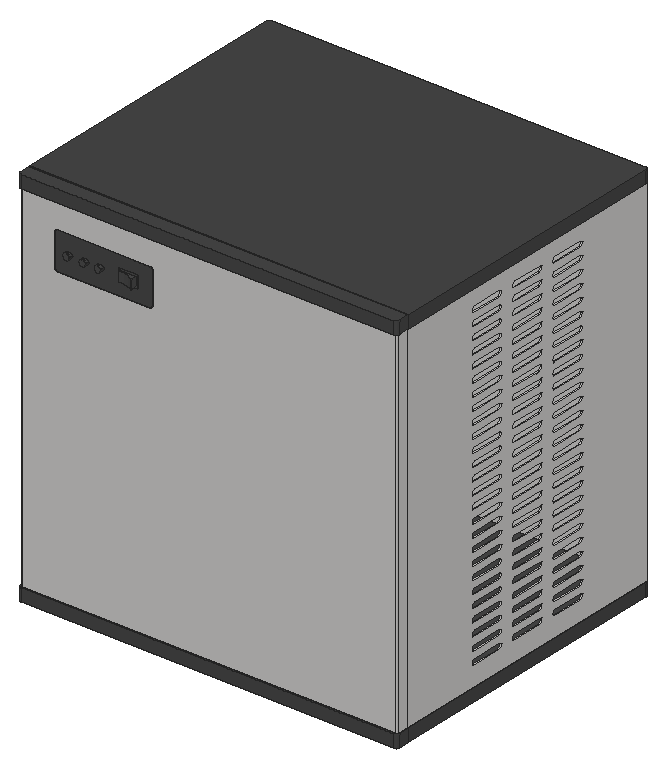
Revit family "QF_Icetro_IM-1100-RC_RH", category Specialty Equipment, Revit 2020
Family settings
  Round Connector Dimension = Use Diameter
  Part Type = Normal
  OmniClass Number = 23.40.40.00
  OmniClass Title = Food Service Equipment and Furnishings
  Work Plane-Based = Yes
  Always vertical = Yes
  Cut with Voids When Loaded = No
  Shared = No
  Room Calculation Point = No
Parameters (values of type "230/60/1 IM-1100-RH")
  Width = 30"
  Weight in Pounds = 231.5  # constant formula
  Watts = 4720 W  # constant formula
  Watermarked By = ""
  Volts = 230 V
  URL Cutsheet = "https://www.icetroamerica.com/im-1100"
  URL = "https://www.icetroamerica.com"
  Status [instance] = ""
  Specification by User [instance] = ""
  Specification by Manufacturer [instance] = ""
  Show Logo [instance] = yes
  Show Clearance [instance] = yes
  Serial Number [instance] = ""
  Revision Code [instance] = ""
  Phase = 1
  Number of Poles [instance] = 1
  NAFEM Spec ID Number [instance] = ""
  Model = "IM-1100-RH"
  Min Ckt Ampacity = 15.6 A  # constant formula
  Max Overcurrent Protection = 25 A  # constant formula
  Masterspec [instance] = ""
  Manufacturer = "Icetro"
  Item Number [instance] = "-"
  Installed By [instance] = ""
  Indirect Waste Size = 3/4"
  Indirect Waste Flow = 0 GPM
  Indirect Waste Connection Type = ""
  Indirect Waste Connection Height = 0"
  Height = 30.3"  # constant formula
  HP = ""
  Furnished By [instance] = ""
  Foodservice Equipment Identifier = yes
  FL Amps = 15.6 A  # constant formula
  Electrical Remarks [instance] = ""
  Electric Connection Type = ""
  Elec Conn RI Height [instance] = 0"
  Elec Conn Connection Height = 0"
  Description = "Ice Cube Machine"
  Depth = 24.8"
  Default Elevation = 48"
  Cycle = 60 Hz
  Content Creator URL = "www.fescad.com"
  Content Creator = "Foodservice Equipment Symbols, LLC"  # constant formula
  Content Created = "09/20/2023"  # constant formula
  Conn Plug = "NEMA 5-15P"
  Chilled Water Temperature = -459.67 °F
  Chilled Water Supply Size = 3/8"
  Chilled Water Supply RI Height = 0"
  Chilled Water Supply Connection Height = 0"
  Chilled Water Return Size = 0"
  Chilled Water Return RI Height = 0"
  Chilled Water Return Connection Height = 0"
  Chilled Water Minimum Pressure = 20.00 psi
  Chilled Water Maximum Pressure = 80.00 psi
  Chilled Water Flow = 0 GPM
  CSI MasterFormat = ""
  BTUH = 17647.0 Btu/h  # constant formula
  Assembly Code = "E1090300"
  Apparent Power = if(Phase = 3, Volts * FL Amps * 1.73, Volts * FL Amps)  # 3588 VA
Reference planes (in)
  plane 1 "BACK": y = 0
  plane 2: z = 0
  plane 3 "LEFT": x = -16.56573
  plane 4 "RIGHT": x = 13.43427
  plane 5 "FRONT": y = -24.8
  plane 6 "TOP": z = 30.3
  plane 7: x = -16.44073
  plane 8: x = 13.30927
  plane 9: z = 30.175
  plane 10: y = -1
  plane 11: y = -23.7375
  plane 12: z = 29.3
  plane 13 "Lower Door": z = 1
  plane 14: y = -23.675
  plane 15: y = -24.675
Forms (in)
  Extrusion 1, solid, material "QF_Steel-Paint Finish-Black"
    sketch origin (0, 0, 0) x (1, 0, 0) y (0, 1, 0)
      loop
        arc (-16.31573, 0) -> (-16.4925, -0.07322) -> (-16.56573, -0.25) r 0.25
        line (-16.56573, -0.25) -> (-16.56573, -23.675) -> (13.43427, -23.675) -> (13.43427, -0.25)
        arc (13.43427, -0.25) -> (13.36105, -0.07322) -> (13.18427, 0) r 0.25
        line (13.18427, 0) -> (-16.31573, 0)
    from 0 to 1
  Extrusion 2, solid, material "QF_Steel-Paint Finish-Black"
    sketch origin (0, 0, 0) x (1, 0, 0) y (0, 1, 0)
      loop
        line (-16.56573, -23.7375) -> (-16.56573, -24.55)
        arc (-16.56573, -24.55) -> (-16.4925, -24.72678) -> (-16.31573, -24.8) r 0.25
        line (-16.31573, -24.8) -> (13.18427, -24.8)
        arc (13.18427, -24.8) -> (13.36105, -24.72678) -> (13.43427, -24.55) r 0.25
        line (13.43427, -24.55) -> (13.43427, -23.7375) -> (-16.56573, -23.7375)
    from 0 to 1
  Extrusion 3, solid, material "QF_Steel-Paint Finish-Black"
    sketch origin (0, 0, 30.3) x (0, 1, 0) y (-1, 0, 0)
      loop
        arc (0, 16.31573) -> (-0.07322, 16.4925) -> (-0.25, 16.56573) r 0.25
        line (-0.25, 16.56573) -> (-23.675, 16.56573) -> (-23.675, -13.43427) -> (-0.25, -13.43427)
        arc (-0.25, -13.43427) -> (-0.07322, -13.36105) -> (0, -13.18427) r 0.25
        line (0, -13.18427) -> (0, 16.31573)
    from 0 to -1
  Extrusion 4, solid, material "QF_Steel-Paint Finish-Black"
    sketch origin (0, 0, 30.3) x (0, 1, 0) y (-1, 0, 0)
      loop
        line (-23.7375, 16.56573) -> (-24.55, 16.56573)
        arc (-24.55, 16.56573) -> (-24.72678, 16.4925) -> (-24.8, 16.31573) r 0.25
        line (-24.8, 16.31573) -> (-24.8, -13.18427)
        arc (-24.8, -13.18427) -> (-24.72678, -13.36105) -> (-24.55, -13.43427) r 0.25
        line (-24.55, -13.43427) -> (-23.7375, -13.43427) -> (-23.7375, 16.56573)
    from 0 to -1
  Extrusion 5, solid, material "QF_Stainless-Polished"
    sketch origin (0, 0, 1) x (0, 1, 0) y (-1, 0, 0)
      loop
        arc (-24.675, -13.18427) -> (-24.63839, -13.27266) -> (-24.55, -13.30927) r 0.125
        line (-24.55, -13.30927) -> (-23.7375, -13.30927) -> (-23.7375, 16.44073) -> (-24.55, 16.44073)
        arc (-24.55, 16.44073) -> (-24.63839, 16.40411) -> (-24.675, 16.31573) r 0.125
        line (-24.675, 16.31573) -> (-24.675, -13.18427)
    from 0 to 28.3
  Extrusion 6, solid, material "QF_Stainless-Polished"
    sketch origin (-16.56573, 0, 0) x (0, 1, 0) y (0, 0, 1)
      loop
        line (0, 1) -> (0, 29.3) -> (-23.675, 29.3) -> (-23.675, 1) -> (0, 1)
      loop
        line (-6.5875, 19) -> (-9.0875, 19)
        arc (-9.0875, 19) -> (-9.3375, 18.75) -> (-9.0875, 18.5) r 0.25
        line (-9.0875, 18.5) -> (-6.5875, 18.5)
        arc (-6.5875, 18.5) -> (-6.3375, 18.75) -> (-6.5875, 19) r 0.25
      loop
        line (-10.5875, 19) -> (-13.0875, 19)
        arc (-13.0875, 19) -> (-13.3375, 18.75) -> (-13.0875, 18.5) r 0.25
        line (-13.0875, 18.5) -> (-10.5875, 18.5)
        arc (-10.5875, 18.5) -> (-10.3375, 18.75) -> (-10.5875, 19) r 0.25
      loop
        line (-14.5875, 19) -> (-17.0875, 19)
        arc (-17.0875, 19) -> (-17.3375, 18.75) -> (-17.0875, 18.5) r 0.25
        line (-17.0875, 18.5) -> (-14.5875, 18.5)
        arc (-14.5875, 18.5) -> (-14.3375, 18.75) -> (-14.5875, 19) r 0.25
      loop
        line (-6.5875, 18) -> (-9.0875, 18)
        arc (-9.0875, 18) -> (-9.3375, 17.75) -> (-9.0875, 17.5) r 0.25
        line (-9.0875, 17.5) -> (-6.5875, 17.5)
        arc (-6.5875, 17.5) -> (-6.3375, 17.75) -> (-6.5875, 18) r 0.25
      loop
        line (-10.5875, 18) -> (-13.0875, 18)
        arc (-13.0875, 18) -> (-13.3375, 17.75) -> (-13.0875, 17.5) r 0.25
        line (-13.0875, 17.5) -> (-10.5875, 17.5)
        arc (-10.5875, 17.5) -> (-10.3375, 17.75) -> (-10.5875, 18) r 0.25
      loop
        line (-14.5875, 18) -> (-17.0875, 18)
        arc (-17.0875, 18) -> (-17.3375, 17.75) -> (-17.0875, 17.5) r 0.25
        line (-17.0875, 17.5) -> (-14.5875, 17.5)
        arc (-14.5875, 17.5) -> (-14.3375, 17.75) -> (-14.5875, 18) r 0.25
      loop
        line (-6.5875, 17) -> (-9.0875, 17)
        arc (-9.0875, 17) -> (-9.3375, 16.75) -> (-9.0875, 16.5) r 0.25
        line (-9.0875, 16.5) -> (-6.5875, 16.5)
        arc (-6.5875, 16.5) -> (-6.3375, 16.75) -> (-6.5875, 17) r 0.25
      loop
        line (-10.5875, 17) -> (-13.0875, 17)
        arc (-13.0875, 17) -> (-13.3375, 16.75) -> (-13.0875, 16.5) r 0.25
        line (-13.0875, 16.5) -> (-10.5875, 16.5)
        arc (-10.5875, 16.5) -> (-10.3375, 16.75) -> (-10.5875, 17) r 0.25
      loop
        line (-14.5875, 17) -> (-17.0875, 17)
        arc (-17.0875, 17) -> (-17.3375, 16.75) -> (-17.0875, 16.5) r 0.25
        line (-17.0875, 16.5) -> (-14.5875, 16.5)
        arc (-14.5875, 16.5) -> (-14.3375, 16.75) -> (-14.5875, 17) r 0.25
      loop
        line (-6.5875, 16) -> (-9.0875, 16)
        arc (-9.0875, 16) -> (-9.3375, 15.75) -> (-9.0875, 15.5) r 0.25
        line (-9.0875, 15.5) -> (-6.5875, 15.5)
        arc (-6.5875, 15.5) -> (-6.3375, 15.75) -> (-6.5875, 16) r 0.25
      loop
        line (-10.5875, 16) -> (-13.0875, 16)
        arc (-13.0875, 16) -> (-13.3375, 15.75) -> (-13.0875, 15.5) r 0.25
        line (-13.0875, 15.5) -> (-10.5875, 15.5)
        arc (-10.5875, 15.5) -> (-10.3375, 15.75) -> (-10.5875, 16) r 0.25
      loop
        line (-14.5875, 16) -> (-17.0875, 16)
        arc (-17.0875, 16) -> (-17.3375, 15.75) -> (-17.0875, 15.5) r 0.25
        line (-17.0875, 15.5) -> (-14.5875, 15.5)
        arc (-14.5875, 15.5) -> (-14.3375, 15.75) -> (-14.5875, 16) r 0.25
      loop
        line (-6.5875, 15) -> (-9.0875, 15)
        arc (-9.0875, 15) -> (-9.3375, 14.75) -> (-9.0875, 14.5) r 0.25
        line (-9.0875, 14.5) -> (-6.5875, 14.5)
        arc (-6.5875, 14.5) -> (-6.3375, 14.75) -> (-6.5875, 15) r 0.25
      loop
        line (-10.5875, 15) -> (-13.0875, 15)
        arc (-13.0875, 15) -> (-13.3375, 14.75) -> (-13.0875, 14.5) r 0.25
        line (-13.0875, 14.5) -> (-10.5875, 14.5)
        arc (-10.5875, 14.5) -> (-10.3375, 14.75) -> (-10.5875, 15) r 0.25
      loop
        line (-14.5875, 15) -> (-17.0875, 15)
        arc (-17.0875, 15) -> (-17.3375, 14.75) -> (-17.0875, 14.5) r 0.25
        line (-17.0875, 14.5) -> (-14.5875, 14.5)
        arc (-14.5875, 14.5) -> (-14.3375, 14.75) -> (-14.5875, 15) r 0.25
      loop
        line (-6.5875, 14) -> (-9.0875, 14)
        arc (-9.0875, 14) -> (-9.3375, 13.75) -> (-9.0875, 13.5) r 0.25
        line (-9.0875, 13.5) -> (-6.5875, 13.5)
        arc (-6.5875, 13.5) -> (-6.3375, 13.75) -> (-6.5875, 14) r 0.25
      loop
        line (-10.5875, 14) -> (-13.0875, 14)
        arc (-13.0875, 14) -> (-13.3375, 13.75) -> (-13.0875, 13.5) r 0.25
        line (-13.0875, 13.5) -> (-10.5875, 13.5)
        arc (-10.5875, 13.5) -> (-10.3375, 13.75) -> (-10.5875, 14) r 0.25
      loop
        line (-14.5875, 14) -> (-17.0875, 14)
        arc (-17.0875, 14) -> (-17.3375, 13.75) -> (-17.0875, 13.5) r 0.25
        line (-17.0875, 13.5) -> (-14.5875, 13.5)
        arc (-14.5875, 13.5) -> (-14.3375, 13.75) -> (-14.5875, 14) r 0.25
      loop
        line (-6.5875, 13) -> (-9.0875, 13)
        arc (-9.0875, 13) -> (-9.3375, 12.75) -> (-9.0875, 12.5) r 0.25
        line (-9.0875, 12.5) -> (-6.5875, 12.5)
        arc (-6.5875, 12.5) -> (-6.3375, 12.75) -> (-6.5875, 13) r 0.25
      loop
        line (-10.5875, 13) -> (-13.0875, 13)
        arc (-13.0875, 13) -> (-13.3375, 12.75) -> (-13.0875, 12.5) r 0.25
        line (-13.0875, 12.5) -> (-10.5875, 12.5)
        arc (-10.5875, 12.5) -> (-10.3375, 12.75) -> (-10.5875, 13) r 0.25
      loop
        line (-14.5875, 13) -> (-17.0875, 13)
        arc (-17.0875, 13) -> (-17.3375, 12.75) -> (-17.0875, 12.5) r 0.25
        line (-17.0875, 12.5) -> (-14.5875, 12.5)
        arc (-14.5875, 12.5) -> (-14.3375, 12.75) -> (-14.5875, 13) r 0.25
      loop
        line (-6.5875, 12) -> (-9.0875, 12)
        arc (-9.0875, 12) -> (-9.3375, 11.75) -> (-9.0875, 11.5) r 0.25
        line (-9.0875, 11.5) -> (-6.5875, 11.5)
        arc (-6.5875, 11.5) -> (-6.3375, 11.75) -> (-6.5875, 12) r 0.25
      loop
        line (-10.5875, 12) -> (-13.0875, 12)
        arc (-13.0875, 12) -> (-13.3375, 11.75) -> (-13.0875, 11.5) r 0.25
        line (-13.0875, 11.5) -> (-10.5875, 11.5)
        arc (-10.5875, 11.5) -> (-10.3375, 11.75) -> (-10.5875, 12) r 0.25
      loop
        line (-14.5875, 12) -> (-17.0875, 12)
        arc (-17.0875, 12) -> (-17.3375, 11.75) -> (-17.0875, 11.5) r 0.25
        line (-17.0875, 11.5) -> (-14.5875, 11.5)
        arc (-14.5875, 11.5) -> (-14.3375, 11.75) -> (-14.5875, 12) r 0.25
      loop
        line (-6.5875, 11) -> (-9.0875, 11)
        arc (-9.0875, 11) -> (-9.3375, 10.75) -> (-9.0875, 10.5) r 0.25
        line (-9.0875, 10.5) -> (-6.5875, 10.5)
        arc (-6.5875, 10.5) -> (-6.3375, 10.75) -> (-6.5875, 11) r 0.25
      loop
        line (-10.5875, 11) -> (-13.0875, 11)
        arc (-13.0875, 11) -> (-13.3375, 10.75) -> (-13.0875, 10.5) r 0.25
        line (-13.0875, 10.5) -> (-10.5875, 10.5)
        arc (-10.5875, 10.5) -> (-10.3375, 10.75) -> (-10.5875, 11) r 0.25
      loop
        line (-14.5875, 11) -> (-17.0875, 11)
        arc (-17.0875, 11) -> (-17.3375, 10.75) -> (-17.0875, 10.5) r 0.25
        line (-17.0875, 10.5) -> (-14.5875, 10.5)
        arc (-14.5875, 10.5) -> (-14.3375, 10.75) -> (-14.5875, 11) r 0.25
      loop
        line (-6.5875, 10) -> (-9.0875, 10)
        arc (-9.0875, 10) -> (-9.3375, 9.75) -> (-9.0875, 9.5) r 0.25
        line (-9.0875, 9.5) -> (-6.5875, 9.5)
        arc (-6.5875, 9.5) -> (-6.3375, 9.75) -> (-6.5875, 10) r 0.25
      loop
        line (-10.5875, 10) -> (-13.0875, 10)
        arc (-13.0875, 10) -> (-13.3375, 9.75) -> (-13.0875, 9.5) r 0.25
        line (-13.0875, 9.5) -> (-10.5875, 9.5)
        arc (-10.5875, 9.5) -> (-10.3375, 9.75) -> (-10.5875, 10) r 0.25
      loop
        line (-14.5875, 10) -> (-17.0875, 10)
        arc (-17.0875, 10) -> (-17.3375, 9.75) -> (-17.0875, 9.5) r 0.25
        line (-17.0875, 9.5) -> (-14.5875, 9.5)
        arc (-14.5875, 9.5) -> (-14.3375, 9.75) -> (-14.5875, 10) r 0.25
      loop
        line (-6.5875, 9) -> (-9.0875, 9)
        arc (-9.0875, 9) -> (-9.3375, 8.75) -> (-9.0875, 8.5) r 0.25
        line (-9.0875, 8.5) -> (-6.5875, 8.5)
        arc (-6.5875, 8.5) -> (-6.3375, 8.75) -> (-6.5875, 9) r 0.25
      loop
        line (-10.5875, 9) -> (-13.0875, 9)
        arc (-13.0875, 9) -> (-13.3375, 8.75) -> (-13.0875, 8.5) r 0.25
        line (-13.0875, 8.5) -> (-10.5875, 8.5)
        arc (-10.5875, 8.5) -> (-10.3375, 8.75) -> (-10.5875, 9) r 0.25
      loop
        line (-14.5875, 9) -> (-17.0875, 9)
        arc (-17.0875, 9) -> (-17.3375, 8.75) -> (-17.0875, 8.5) r 0.25
        line (-17.0875, 8.5) -> (-14.5875, 8.5)
        arc (-14.5875, 8.5) -> (-14.3375, 8.75) -> (-14.5875, 9) r 0.25
      loop
        line (-6.5875, 8) -> (-9.0875, 8)
        arc (-9.0875, 8) -> (-9.3375, 7.75) -> (-9.0875, 7.5) r 0.25
        line (-9.0875, 7.5) -> (-6.5875, 7.5)
        arc (-6.5875, 7.5) -> (-6.3375, 7.75) -> (-6.5875, 8) r 0.25
      loop
        line (-10.5875, 8) -> (-13.0875, 8)
        arc (-13.0875, 8) -> (-13.3375, 7.75) -> (-13.0875, 7.5) r 0.25
        line (-13.0875, 7.5) -> (-10.5875, 7.5)
        arc (-10.5875, 7.5) -> (-10.3375, 7.75) -> (-10.5875, 8) r 0.25
      loop
        line (-14.5875, 8) -> (-17.0875, 8)
        arc (-17.0875, 8) -> (-17.3375, 7.75) -> (-17.0875, 7.5) r 0.25
        line (-17.0875, 7.5) -> (-14.5875, 7.5)
        arc (-14.5875, 7.5) -> (-14.3375, 7.75) -> (-14.5875, 8) r 0.25
      loop
        line (-6.5875, 7) -> (-9.0875, 7)
        arc (-9.0875, 7) -> (-9.3375, 6.75) -> (-9.0875, 6.5) r 0.25
        line (-9.0875, 6.5) -> (-6.5875, 6.5)
        arc (-6.5875, 6.5) -> (-6.3375, 6.75) -> (-6.5875, 7) r 0.25
      loop
        line (-10.5875, 7) -> (-13.0875, 7)
        arc (-13.0875, 7) -> (-13.3375, 6.75) -> (-13.0875, 6.5) r 0.25
        line (-13.0875, 6.5) -> (-10.5875, 6.5)
        arc (-10.5875, 6.5) -> (-10.3375, 6.75) -> (-10.5875, 7) r 0.25
      loop
        line (-14.5875, 7) -> (-17.0875, 7)
        arc (-17.0875, 7) -> (-17.3375, 6.75) -> (-17.0875, 6.5) r 0.25
        line (-17.0875, 6.5) -> (-14.5875, 6.5)
        arc (-14.5875, 6.5) -> (-14.3375, 6.75) -> (-14.5875, 7) r 0.25
      loop
        line (-6.5875, 6) -> (-9.0875, 6)
        arc (-9.0875, 6) -> (-9.3375, 5.75) -> (-9.0875, 5.5) r 0.25
        line (-9.0875, 5.5) -> (-6.5875, 5.5)
        arc (-6.5875, 5.5) -> (-6.3375, 5.75) -> (-6.5875, 6) r 0.25
      loop
        line (-10.5875, 6) -> (-13.0875, 6)
        arc (-13.0875, 6) -> (-13.3375, 5.75) -> (-13.0875, 5.5) r 0.25
        line (-13.0875, 5.5) -> (-10.5875, 5.5)
        arc (-10.5875, 5.5) -> (-10.3375, 5.75) -> (-10.5875, 6) r 0.25
      loop
        line (-14.5875, 6) -> (-17.0875, 6)
        arc (-17.0875, 6) -> (-17.3375, 5.75) -> (-17.0875, 5.5) r 0.25
        line (-17.0875, 5.5) -> (-14.5875, 5.5)
        arc (-14.5875, 5.5) -> (-14.3375, 5.75) -> (-14.5875, 6) r 0.25
      loop
        line (-6.5875, 5) -> (-9.0875, 5)
        arc (-9.0875, 5) -> (-9.3375, 4.75) -> (-9.0875, 4.5) r 0.25
        line (-9.0875, 4.5) -> (-6.5875, 4.5)
        arc (-6.5875, 4.5) -> (-6.3375, 4.75) -> (-6.5875, 5) r 0.25
      loop
        line (-10.5875, 5) -> (-13.0875, 5)
        arc (-13.0875, 5) -> (-13.3375, 4.75) -> (-13.0875, 4.5) r 0.25
        line (-13.0875, 4.5) -> (-10.5875, 4.5)
        arc (-10.5875, 4.5) -> (-10.3375, 4.75) -> (-10.5875, 5) r 0.25
      loop
        line (-14.5875, 5) -> (-17.0875, 5)
        arc (-17.0875, 5) -> (-17.3375, 4.75) -> (-17.0875, 4.5) r 0.25
        line (-17.0875, 4.5) -> (-14.5875, 4.5)
        arc (-14.5875, 4.5) -> (-14.3375, 4.75) -> (-14.5875, 5) r 0.25
      loop
        line (-6.5875, 4) -> (-9.0875, 4)
        arc (-9.0875, 4) -> (-9.3375, 3.75) -> (-9.0875, 3.5) r 0.25
        line (-9.0875, 3.5) -> (-6.5875, 3.5)
        arc (-6.5875, 3.5) -> (-6.3375, 3.75) -> (-6.5875, 4) r 0.25
      loop
        line (-10.5875, 4) -> (-13.0875, 4)
        arc (-13.0875, 4) -> (-13.3375, 3.75) -> (-13.0875, 3.5) r 0.25
        line (-13.0875, 3.5) -> (-10.5875, 3.5)
        arc (-10.5875, 3.5) -> (-10.3375, 3.75) -> (-10.5875, 4) r 0.25
      loop
        line (-14.5875, 4) -> (-17.0875, 4)
        arc (-17.0875, 4) -> (-17.3375, 3.75) -> (-17.0875, 3.5) r 0.25
        line (-17.0875, 3.5) -> (-14.5875, 3.5)
        arc (-14.5875, 3.5) -> (-14.3375, 3.75) -> (-14.5875, 4) r 0.25
      loop
        line (-6.5875, 3) -> (-9.0875, 3)
        arc (-9.0875, 3) -> (-9.3375, 2.75) -> (-9.0875, 2.5) r 0.25
        line (-9.0875, 2.5) -> (-6.5875, 2.5)
        arc (-6.5875, 2.5) -> (-6.3375, 2.75) -> (-6.5875, 3) r 0.25
      loop
        line (-10.5875, 3) -> (-13.0875, 3)
        arc (-13.0875, 3) -> (-13.3375, 2.75) -> (-13.0875, 2.5) r 0.25
        line (-13.0875, 2.5) -> (-10.5875, 2.5)
        arc (-10.5875, 2.5) -> (-10.3375, 2.75) -> (-10.5875, 3) r 0.25
      loop
        line (-14.5875, 3) -> (-17.0875, 3)
        arc (-17.0875, 3) -> (-17.3375, 2.75) -> (-17.0875, 2.5) r 0.25
        line (-17.0875, 2.5) -> (-14.5875, 2.5)
        arc (-14.5875, 2.5) -> (-14.3375, 2.75) -> (-14.5875, 3) r 0.25
      loop
        line (-6.5875, 20) -> (-9.0875, 20)
        arc (-9.0875, 20) -> (-9.3375, 19.75) -> (-9.0875, 19.5) r 0.25
        line (-9.0875, 19.5) -> (-6.5875, 19.5)
        arc (-6.5875, 19.5) -> (-6.3375, 19.75) -> (-6.5875, 20) r 0.25
      loop
        line (-10.5875, 20) -> (-13.0875, 20)
        arc (-13.0875, 20) -> (-13.3375, 19.75) -> (-13.0875, 19.5) r 0.25
        line (-13.0875, 19.5) -> (-10.5875, 19.5)
        arc (-10.5875, 19.5) -> (-10.3375, 19.75) -> (-10.5875, 20) r 0.25
      loop
        line (-14.5875, 20) -> (-17.0875, 20)
        arc (-17.0875, 20) -> (-17.3375, 19.75) -> (-17.0875, 19.5) r 0.25
        line (-17.0875, 19.5) -> (-14.5875, 19.5)
        arc (-14.5875, 19.5) -> (-14.3375, 19.75) -> (-14.5875, 20) r 0.25
      loop
        line (-6.5875, 22) -> (-9.0875, 22)
        arc (-9.0875, 22) -> (-9.3375, 21.75) -> (-9.0875, 21.5) r 0.25
        line (-9.0875, 21.5) -> (-6.5875, 21.5)
        arc (-6.5875, 21.5) -> (-6.3375, 21.75) -> (-6.5875, 22) r 0.25
      loop
        line (-10.5875, 22) -> (-13.0875, 22)
        arc (-13.0875, 22) -> (-13.3375, 21.75) -> (-13.0875, 21.5) r 0.25
        line (-13.0875, 21.5) -> (-10.5875, 21.5)
        arc (-10.5875, 21.5) -> (-10.3375, 21.75) -> (-10.5875, 22) r 0.25
      loop
        line (-14.5875, 22) -> (-17.0875, 22)
        arc (-17.0875, 22) -> (-17.3375, 21.75) -> (-17.0875, 21.5) r 0.25
        line (-17.0875, 21.5) -> (-14.5875, 21.5)
        arc (-14.5875, 21.5) -> (-14.3375, 21.75) -> (-14.5875, 22) r 0.25
      loop
        line (-6.5875, 21) -> (-9.0875, 21)
        arc (-9.0875, 21) -> (-9.3375, 20.75) -> (-9.0875, 20.5) r 0.25
        line (-9.0875, 20.5) -> (-6.5875, 20.5)
        arc (-6.5875, 20.5) -> (-6.3375, 20.75) -> (-6.5875, 21) r 0.25
      loop
        line (-10.5875, 21) -> (-13.0875, 21)
        arc (-13.0875, 21) -> (-13.3375, 20.75) -> (-13.0875, 20.5) r 0.25
        line (-13.0875, 20.5) -> (-10.5875, 20.5)
        arc (-10.5875, 20.5) -> (-10.3375, 20.75) -> (-10.5875, 21) r 0.25
      loop
        line (-14.5875, 21) -> (-17.0875, 21)
        arc (-17.0875, 21) -> (-17.3375, 20.75) -> (-17.0875, 20.5) r 0.25
        line (-17.0875, 20.5) -> (-14.5875, 20.5)
        arc (-14.5875, 20.5) -> (-14.3375, 20.75) -> (-14.5875, 21) r 0.25
      loop
        line (-6.5875, 23) -> (-9.0875, 23)
        arc (-9.0875, 23) -> (-9.3375, 22.75) -> (-9.0875, 22.5) r 0.25
        line (-9.0875, 22.5) -> (-6.5875, 22.5)
        arc (-6.5875, 22.5) -> (-6.3375, 22.75) -> (-6.5875, 23) r 0.25
      loop
        line (-10.5875, 23) -> (-13.0875, 23)
        arc (-13.0875, 23) -> (-13.3375, 22.75) -> (-13.0875, 22.5) r 0.25
        line (-13.0875, 22.5) -> (-10.5875, 22.5)
        arc (-10.5875, 22.5) -> (-10.3375, 22.75) -> (-10.5875, 23) r 0.25
      loop
        line (-14.5875, 23) -> (-17.0875, 23)
        arc (-17.0875, 23) -> (-17.3375, 22.75) -> (-17.0875, 22.5) r 0.25
        line (-17.0875, 22.5) -> (-14.5875, 22.5)
        arc (-14.5875, 22.5) -> (-14.3375, 22.75) -> (-14.5875, 23) r 0.25
      loop
        line (-6.5875, 25) -> (-9.0875, 25)
        arc (-9.0875, 25) -> (-9.3375, 24.75) -> (-9.0875, 24.5) r 0.25
        line (-9.0875, 24.5) -> (-6.5875, 24.5)
        arc (-6.5875, 24.5) -> (-6.3375, 24.75) -> (-6.5875, 25) r 0.25
      loop
        line (-10.5875, 25) -> (-13.0875, 25)
        arc (-13.0875, 25) -> (-13.3375, 24.75) -> (-13.0875, 24.5) r 0.25
        line (-13.0875, 24.5) -> (-10.5875, 24.5)
        arc (-10.5875, 24.5) -> (-10.3375, 24.75) -> (-10.5875, 25) r 0.25
      loop
        line (-14.5875, 25) -> (-17.0875, 25)
        arc (-17.0875, 25) -> (-17.3375, 24.75) -> (-17.0875, 24.5) r 0.25
        line (-17.0875, 24.5) -> (-14.5875, 24.5)
        arc (-14.5875, 24.5) -> (-14.3375, 24.75) -> (-14.5875, 25) r 0.25
      loop
        line (-6.5875, 24) -> (-9.0875, 24)
        arc (-9.0875, 24) -> (-9.3375, 23.75) -> (-9.0875, 23.5) r 0.25
        line (-9.0875, 23.5) -> (-6.5875, 23.5)
        arc (-6.5875, 23.5) -> (-6.3375, 23.75) -> (-6.5875, 24) r 0.25
      loop
        line (-10.5875, 24) -> (-13.0875, 24)
        arc (-13.0875, 24) -> (-13.3375, 23.75) -> (-13.0875, 23.5) r 0.25
        line (-13.0875, 23.5) -> (-10.5875, 23.5)
        arc (-10.5875, 23.5) -> (-10.3375, 23.75) -> (-10.5875, 24) r 0.25
      loop
        line (-14.5875, 24) -> (-17.0875, 24)
        arc (-17.0875, 24) -> (-17.3375, 23.75) -> (-17.0875, 23.5) r 0.25
        line (-17.0875, 23.5) -> (-14.5875, 23.5)
        arc (-14.5875, 23.5) -> (-14.3375, 23.75) -> (-14.5875, 24) r 0.25
      loop
        line (-6.5875, 26) -> (-9.0875, 26)
        arc (-9.0875, 26) -> (-9.3375, 25.75) -> (-9.0875, 25.5) r 0.25
        line (-9.0875, 25.5) -> (-6.5875, 25.5)
        arc (-6.5875, 25.5) -> (-6.3375, 25.75) -> (-6.5875, 26) r 0.25
      loop
        line (-10.5875, 26) -> (-13.0875, 26)
        arc (-13.0875, 26) -> (-13.3375, 25.75) -> (-13.0875, 25.5) r 0.25
        line (-13.0875, 25.5) -> (-10.5875, 25.5)
        arc (-10.5875, 25.5) -> (-10.3375, 25.75) -> (-10.5875, 26) r 0.25
      loop
        line (-14.5875, 26) -> (-17.0875, 26)
        arc (-17.0875, 26) -> (-17.3375, 25.75) -> (-17.0875, 25.5) r 0.25
        line (-17.0875, 25.5) -> (-14.5875, 25.5)
        arc (-14.5875, 25.5) -> (-14.3375, 25.75) -> (-14.5875, 26) r 0.25
      loop
        line (-6.5875, 28) -> (-9.0875, 28)
        arc (-9.0875, 28) -> (-9.3375, 27.75) -> (-9.0875, 27.5) r 0.25
        line (-9.0875, 27.5) -> (-6.5875, 27.5)
        arc (-6.5875, 27.5) -> (-6.3375, 27.75) -> (-6.5875, 28) r 0.25
      loop
        line (-10.5875, 28) -> (-13.0875, 28)
        arc (-13.0875, 28) -> (-13.3375, 27.75) -> (-13.0875, 27.5) r 0.25
        line (-13.0875, 27.5) -> (-10.5875, 27.5)
        arc (-10.5875, 27.5) -> (-10.3375, 27.75) -> (-10.5875, 28) r 0.25
      loop
        line (-14.5875, 28) -> (-17.0875, 28)
        arc (-17.0875, 28) -> (-17.3375, 27.75) -> (-17.0875, 27.5) r 0.25
        line (-17.0875, 27.5) -> (-14.5875, 27.5)
        arc (-14.5875, 27.5) -> (-14.3375, 27.75) -> (-14.5875, 28) r 0.25
      loop
        line (-6.5875, 27) -> (-9.0875, 27)
        arc (-9.0875, 27) -> (-9.3375, 26.75) -> (-9.0875, 26.5) r 0.25
        line (-9.0875, 26.5) -> (-6.5875, 26.5)
        arc (-6.5875, 26.5) -> (-6.3375, 26.75) -> (-6.5875, 27) r 0.25
      loop
        line (-10.5875, 27) -> (-13.0875, 27)
        arc (-13.0875, 27) -> (-13.3375, 26.75) -> (-13.0875, 26.5) r 0.25
        line (-13.0875, 26.5) -> (-10.5875, 26.5)
        arc (-10.5875, 26.5) -> (-10.3375, 26.75) -> (-10.5875, 27) r 0.25
      loop
        line (-14.5875, 27) -> (-17.0875, 27)
        arc (-17.0875, 27) -> (-17.3375, 26.75) -> (-17.0875, 26.5) r 0.25
        line (-17.0875, 26.5) -> (-14.5875, 26.5)
        arc (-14.5875, 26.5) -> (-14.3375, 26.75) -> (-14.5875, 27) r 0.25
    from 0.125 to 0.25
  Extrusion 7, solid, material "QF_Stainless-Polished"
    sketch origin (13.43427, 0, 0) x (0, 1, 0) y (0, 0, 1)
      loop
        line (0, 29.3) -> (-23.675, 29.3) -> (-23.675, 1) -> (0, 1) -> (0, 29.3)
      loop
        line (-6.5875, 19) -> (-9.0875, 19)
        arc (-9.0875, 19) -> (-9.3375, 18.75) -> (-9.0875, 18.5) r 0.25
        line (-9.0875, 18.5) -> (-6.5875, 18.5)
        arc (-6.5875, 18.5) -> (-6.3375, 18.75) -> (-6.5875, 19) r 0.25
      loop
        line (-10.5875, 19) -> (-13.0875, 19)
        arc (-13.0875, 19) -> (-13.3375, 18.75) -> (-13.0875, 18.5) r 0.25
        line (-13.0875, 18.5) -> (-10.5875, 18.5)
        arc (-10.5875, 18.5) -> (-10.3375, 18.75) -> (-10.5875, 19) r 0.25
      loop
        line (-14.5875, 19) -> (-17.0875, 19)
        arc (-17.0875, 19) -> (-17.3375, 18.75) -> (-17.0875, 18.5) r 0.25
        line (-17.0875, 18.5) -> (-14.5875, 18.5)
        arc (-14.5875, 18.5) -> (-14.3375, 18.75) -> (-14.5875, 19) r 0.25
      loop
        line (-6.5875, 18) -> (-9.0875, 18)
        arc (-9.0875, 18) -> (-9.3375, 17.75) -> (-9.0875, 17.5) r 0.25
        line (-9.0875, 17.5) -> (-6.5875, 17.5)
        arc (-6.5875, 17.5) -> (-6.3375, 17.75) -> (-6.5875, 18) r 0.25
      loop
        line (-10.5875, 18) -> (-13.0875, 18)
        arc (-13.0875, 18) -> (-13.3375, 17.75) -> (-13.0875, 17.5) r 0.25
        line (-13.0875, 17.5) -> (-10.5875, 17.5)
        arc (-10.5875, 17.5) -> (-10.3375, 17.75) -> (-10.5875, 18) r 0.25
      loop
        line (-14.5875, 18) -> (-17.0875, 18)
        arc (-17.0875, 18) -> (-17.3375, 17.75) -> (-17.0875, 17.5) r 0.25
        line (-17.0875, 17.5) -> (-14.5875, 17.5)
        arc (-14.5875, 17.5) -> (-14.3375, 17.75) -> (-14.5875, 18) r 0.25
      loop
        line (-6.5875, 17) -> (-9.0875, 17)
        arc (-9.0875, 17) -> (-9.3375, 16.75) -> (-9.0875, 16.5) r 0.25
        line (-9.0875, 16.5) -> (-6.5875, 16.5)
        arc (-6.5875, 16.5) -> (-6.3375, 16.75) -> (-6.5875, 17) r 0.25
      loop
        line (-10.5875, 17) -> (-13.0875, 17)
        arc (-13.0875, 17) -> (-13.3375, 16.75) -> (-13.0875, 16.5) r 0.25
        line (-13.0875, 16.5) -> (-10.5875, 16.5)
        arc (-10.5875, 16.5) -> (-10.3375, 16.75) -> (-10.5875, 17) r 0.25
      loop
        line (-14.5875, 17) -> (-17.0875, 17)
        arc (-17.0875, 17) -> (-17.3375, 16.75) -> (-17.0875, 16.5) r 0.25
        line (-17.0875, 16.5) -> (-14.5875, 16.5)
        arc (-14.5875, 16.5) -> (-14.3375, 16.75) -> (-14.5875, 17) r 0.25
      loop
        line (-6.5875, 16) -> (-9.0875, 16)
        arc (-9.0875, 16) -> (-9.3375, 15.75) -> (-9.0875, 15.5) r 0.25
        line (-9.0875, 15.5) -> (-6.5875, 15.5)
        arc (-6.5875, 15.5) -> (-6.3375, 15.75) -> (-6.5875, 16) r 0.25
      loop
        line (-10.5875, 16) -> (-13.0875, 16)
        arc (-13.0875, 16) -> (-13.3375, 15.75) -> (-13.0875, 15.5) r 0.25
        line (-13.0875, 15.5) -> (-10.5875, 15.5)
        arc (-10.5875, 15.5) -> (-10.3375, 15.75) -> (-10.5875, 16) r 0.25
      loop
        line (-14.5875, 16) -> (-17.0875, 16)
        arc (-17.0875, 16) -> (-17.3375, 15.75) -> (-17.0875, 15.5) r 0.25
        line (-17.0875, 15.5) -> (-14.5875, 15.5)
        arc (-14.5875, 15.5) -> (-14.3375, 15.75) -> (-14.5875, 16) r 0.25
      loop
        line (-6.5875, 15) -> (-9.0875, 15)
        arc (-9.0875, 15) -> (-9.3375, 14.75) -> (-9.0875, 14.5) r 0.25
        line (-9.0875, 14.5) -> (-6.5875, 14.5)
        arc (-6.5875, 14.5) -> (-6.3375, 14.75) -> (-6.5875, 15) r 0.25
      loop
        line (-10.5875, 15) -> (-13.0875, 15)
        arc (-13.0875, 15) -> (-13.3375, 14.75) -> (-13.0875, 14.5) r 0.25
        line (-13.0875, 14.5) -> (-10.5875, 14.5)
        arc (-10.5875, 14.5) -> (-10.3375, 14.75) -> (-10.5875, 15) r 0.25
      loop
        line (-14.5875, 15) -> (-17.0875, 15)
        arc (-17.0875, 15) -> (-17.3375, 14.75) -> (-17.0875, 14.5) r 0.25
        line (-17.0875, 14.5) -> (-14.5875, 14.5)
        arc (-14.5875, 14.5) -> (-14.3375, 14.75) -> (-14.5875, 15) r 0.25
      loop
        line (-6.5875, 14) -> (-9.0875, 14)
        arc (-9.0875, 14) -> (-9.3375, 13.75) -> (-9.0875, 13.5) r 0.25
        line (-9.0875, 13.5) -> (-6.5875, 13.5)
        arc (-6.5875, 13.5) -> (-6.3375, 13.75) -> (-6.5875, 14) r 0.25
      loop
        line (-10.5875, 14) -> (-13.0875, 14)
        arc (-13.0875, 14) -> (-13.3375, 13.75) -> (-13.0875, 13.5) r 0.25
        line (-13.0875, 13.5) -> (-10.5875, 13.5)
        arc (-10.5875, 13.5) -> (-10.3375, 13.75) -> (-10.5875, 14) r 0.25
      loop
        line (-14.5875, 14) -> (-17.0875, 14)
        arc (-17.0875, 14) -> (-17.3375, 13.75) -> (-17.0875, 13.5) r 0.25
        line (-17.0875, 13.5) -> (-14.5875, 13.5)
        arc (-14.5875, 13.5) -> (-14.3375, 13.75) -> (-14.5875, 14) r 0.25
      loop
        line (-6.5875, 13) -> (-9.0875, 13)
        arc (-9.0875, 13) -> (-9.3375, 12.75) -> (-9.0875, 12.5) r 0.25
        line (-9.0875, 12.5) -> (-6.5875, 12.5)
        arc (-6.5875, 12.5) -> (-6.3375, 12.75) -> (-6.5875, 13) r 0.25
      loop
        line (-10.5875, 13) -> (-13.0875, 13)
        arc (-13.0875, 13) -> (-13.3375, 12.75) -> (-13.0875, 12.5) r 0.25
        line (-13.0875, 12.5) -> (-10.5875, 12.5)
        arc (-10.5875, 12.5) -> (-10.3375, 12.75) -> (-10.5875, 13) r 0.25
      loop
        line (-14.5875, 13) -> (-17.0875, 13)
        arc (-17.0875, 13) -> (-17.3375, 12.75) -> (-17.0875, 12.5) r 0.25
        line (-17.0875, 12.5) -> (-14.5875, 12.5)
        arc (-14.5875, 12.5) -> (-14.3375, 12.75) -> (-14.5875, 13) r 0.25
      loop
        line (-6.5875, 12) -> (-9.0875, 12)
        arc (-9.0875, 12) -> (-9.3375, 11.75) -> (-9.0875, 11.5) r 0.25
        line (-9.0875, 11.5) -> (-6.5875, 11.5)
        arc (-6.5875, 11.5) -> (-6.3375, 11.75) -> (-6.5875, 12) r 0.25
      loop
        line (-10.5875, 12) -> (-13.0875, 12)
        arc (-13.0875, 12) -> (-13.3375, 11.75) -> (-13.0875, 11.5) r 0.25
        line (-13.0875, 11.5) -> (-10.5875, 11.5)
        arc (-10.5875, 11.5) -> (-10.3375, 11.75) -> (-10.5875, 12) r 0.25
      loop
        line (-14.5875, 12) -> (-17.0875, 12)
        arc (-17.0875, 12) -> (-17.3375, 11.75) -> (-17.0875, 11.5) r 0.25
        line (-17.0875, 11.5) -> (-14.5875, 11.5)
        arc (-14.5875, 11.5) -> (-14.3375, 11.75) -> (-14.5875, 12) r 0.25
      loop
        line (-6.5875, 11) -> (-9.0875, 11)
        arc (-9.0875, 11) -> (-9.3375, 10.75) -> (-9.0875, 10.5) r 0.25
        line (-9.0875, 10.5) -> (-6.5875, 10.5)
        arc (-6.5875, 10.5) -> (-6.3375, 10.75) -> (-6.5875, 11) r 0.25
      loop
        line (-10.5875, 11) -> (-13.0875, 11)
        arc (-13.0875, 11) -> (-13.3375, 10.75) -> (-13.0875, 10.5) r 0.25
        line (-13.0875, 10.5) -> (-10.5875, 10.5)
        arc (-10.5875, 10.5) -> (-10.3375, 10.75) -> (-10.5875, 11) r 0.25
      loop
        line (-14.5875, 11) -> (-17.0875, 11)
        arc (-17.0875, 11) -> (-17.3375, 10.75) -> (-17.0875, 10.5) r 0.25
        line (-17.0875, 10.5) -> (-14.5875, 10.5)
        arc (-14.5875, 10.5) -> (-14.3375, 10.75) -> (-14.5875, 11) r 0.25
      loop
        line (-6.5875, 10) -> (-9.0875, 10)
        arc (-9.0875, 10) -> (-9.3375, 9.75) -> (-9.0875, 9.5) r 0.25
        line (-9.0875, 9.5) -> (-6.5875, 9.5)
        arc (-6.5875, 9.5) -> (-6.3375, 9.75) -> (-6.5875, 10) r 0.25
      loop
        line (-10.5875, 10) -> (-13.0875, 10)
        arc (-13.0875, 10) -> (-13.3375, 9.75) -> (-13.0875, 9.5) r 0.25
        line (-13.0875, 9.5) -> (-10.5875, 9.5)
        arc (-10.5875, 9.5) -> (-10.3375, 9.75) -> (-10.5875, 10) r 0.25
      loop
        line (-14.5875, 10) -> (-17.0875, 10)
        arc (-17.0875, 10) -> (-17.3375, 9.75) -> (-17.0875, 9.5) r 0.25
        line (-17.0875, 9.5) -> (-14.5875, 9.5)
        arc (-14.5875, 9.5) -> (-14.3375, 9.75) -> (-14.5875, 10) r 0.25
      loop
        line (-6.5875, 9) -> (-9.0875, 9)
        arc (-9.0875, 9) -> (-9.3375, 8.75) -> (-9.0875, 8.5) r 0.25
        line (-9.0875, 8.5) -> (-6.5875, 8.5)
        arc (-6.5875, 8.5) -> (-6.3375, 8.75) -> (-6.5875, 9) r 0.25
      loop
        line (-10.5875, 9) -> (-13.0875, 9)
        arc (-13.0875, 9) -> (-13.3375, 8.75) -> (-13.0875, 8.5) r 0.25
        line (-13.0875, 8.5) -> (-10.5875, 8.5)
        arc (-10.5875, 8.5) -> (-10.3375, 8.75) -> (-10.5875, 9) r 0.25
      loop
        line (-14.5875, 9) -> (-17.0875, 9)
        arc (-17.0875, 9) -> (-17.3375, 8.75) -> (-17.0875, 8.5) r 0.25
        line (-17.0875, 8.5) -> (-14.5875, 8.5)
        arc (-14.5875, 8.5) -> (-14.3375, 8.75) -> (-14.5875, 9) r 0.25
      loop
        line (-6.5875, 8) -> (-9.0875, 8)
        arc (-9.0875, 8) -> (-9.3375, 7.75) -> (-9.0875, 7.5) r 0.25
        line (-9.0875, 7.5) -> (-6.5875, 7.5)
        arc (-6.5875, 7.5) -> (-6.3375, 7.75) -> (-6.5875, 8) r 0.25
      loop
        line (-10.5875, 8) -> (-13.0875, 8)
        arc (-13.0875, 8) -> (-13.3375, 7.75) -> (-13.0875, 7.5) r 0.25
        line (-13.0875, 7.5) -> (-10.5875, 7.5)
        arc (-10.5875, 7.5) -> (-10.3375, 7.75) -> (-10.5875, 8) r 0.25
      loop
        line (-14.5875, 8) -> (-17.0875, 8)
        arc (-17.0875, 8) -> (-17.3375, 7.75) -> (-17.0875, 7.5) r 0.25
        line (-17.0875, 7.5) -> (-14.5875, 7.5)
        arc (-14.5875, 7.5) -> (-14.3375, 7.75) -> (-14.5875, 8) r 0.25
      loop
        line (-6.5875, 7) -> (-9.0875, 7)
        arc (-9.0875, 7) -> (-9.3375, 6.75) -> (-9.0875, 6.5) r 0.25
        line (-9.0875, 6.5) -> (-6.5875, 6.5)
        arc (-6.5875, 6.5) -> (-6.3375, 6.75) -> (-6.5875, 7) r 0.25
      loop
        line (-10.5875, 7) -> (-13.0875, 7)
        arc (-13.0875, 7) -> (-13.3375, 6.75) -> (-13.0875, 6.5) r 0.25
        line (-13.0875, 6.5) -> (-10.5875, 6.5)
        arc (-10.5875, 6.5) -> (-10.3375, 6.75) -> (-10.5875, 7) r 0.25
      loop
        line (-14.5875, 7) -> (-17.0875, 7)
        arc (-17.0875, 7) -> (-17.3375, 6.75) -> (-17.0875, 6.5) r 0.25
        line (-17.0875, 6.5) -> (-14.5875, 6.5)
        arc (-14.5875, 6.5) -> (-14.3375, 6.75) -> (-14.5875, 7) r 0.25
      loop
        line (-6.5875, 6) -> (-9.0875, 6)
        arc (-9.0875, 6) -> (-9.3375, 5.75) -> (-9.0875, 5.5) r 0.25
        line (-9.0875, 5.5) -> (-6.5875, 5.5)
        arc (-6.5875, 5.5) -> (-6.3375, 5.75) -> (-6.5875, 6) r 0.25
      loop
        line (-10.5875, 6) -> (-13.0875, 6)
        arc (-13.0875, 6) -> (-13.3375, 5.75) -> (-13.0875, 5.5) r 0.25
        line (-13.0875, 5.5) -> (-10.5875, 5.5)
        arc (-10.5875, 5.5) -> (-10.3375, 5.75) -> (-10.5875, 6) r 0.25
      loop
        line (-14.5875, 6) -> (-17.0875, 6)
        arc (-17.0875, 6) -> (-17.3375, 5.75) -> (-17.0875, 5.5) r 0.25
        line (-17.0875, 5.5) -> (-14.5875, 5.5)
        arc (-14.5875, 5.5) -> (-14.3375, 5.75) -> (-14.5875, 6) r 0.25
      loop
        line (-6.5875, 5) -> (-9.0875, 5)
        arc (-9.0875, 5) -> (-9.3375, 4.75) -> (-9.0875, 4.5) r 0.25
        line (-9.0875, 4.5) -> (-6.5875, 4.5)
        arc (-6.5875, 4.5) -> (-6.3375, 4.75) -> (-6.5875, 5) r 0.25
      loop
        line (-10.5875, 5) -> (-13.0875, 5)
        arc (-13.0875, 5) -> (-13.3375, 4.75) -> (-13.0875, 4.5) r 0.25
        line (-13.0875, 4.5) -> (-10.5875, 4.5)
        arc (-10.5875, 4.5) -> (-10.3375, 4.75) -> (-10.5875, 5) r 0.25
      loop
        line (-14.5875, 5) -> (-17.0875, 5)
        arc (-17.0875, 5) -> (-17.3375, 4.75) -> (-17.0875, 4.5) r 0.25
        line (-17.0875, 4.5) -> (-14.5875, 4.5)
        arc (-14.5875, 4.5) -> (-14.3375, 4.75) -> (-14.5875, 5) r 0.25
      loop
        line (-6.5875, 4) -> (-9.0875, 4)
        arc (-9.0875, 4) -> (-9.3375, 3.75) -> (-9.0875, 3.5) r 0.25
        line (-9.0875, 3.5) -> (-6.5875, 3.5)
        arc (-6.5875, 3.5) -> (-6.3375, 3.75) -> (-6.5875, 4) r 0.25
      loop
        line (-10.5875, 4) -> (-13.0875, 4)
        arc (-13.0875, 4) -> (-13.3375, 3.75) -> (-13.0875, 3.5) r 0.25
        line (-13.0875, 3.5) -> (-10.5875, 3.5)
        arc (-10.5875, 3.5) -> (-10.3375, 3.75) -> (-10.5875, 4) r 0.25
      loop
        line (-14.5875, 4) -> (-17.0875, 4)
        arc (-17.0875, 4) -> (-17.3375, 3.75) -> (-17.0875, 3.5) r 0.25
        line (-17.0875, 3.5) -> (-14.5875, 3.5)
        arc (-14.5875, 3.5) -> (-14.3375, 3.75) -> (-14.5875, 4) r 0.25
      loop
        line (-6.5875, 3) -> (-9.0875, 3)
        arc (-9.0875, 3) -> (-9.3375, 2.75) -> (-9.0875, 2.5) r 0.25
        line (-9.0875, 2.5) -> (-6.5875, 2.5)
        arc (-6.5875, 2.5) -> (-6.3375, 2.75) -> (-6.5875, 3) r 0.25
      loop
        line (-10.5875, 3) -> (-13.0875, 3)
        arc (-13.0875, 3) -> (-13.3375, 2.75) -> (-13.0875, 2.5) r 0.25
        line (-13.0875, 2.5) -> (-10.5875, 2.5)
        arc (-10.5875, 2.5) -> (-10.3375, 2.75) -> (-10.5875, 3) r 0.25
      loop
        line (-14.5875, 3) -> (-17.0875, 3)
        arc (-17.0875, 3) -> (-17.3375, 2.75) -> (-17.0875, 2.5) r 0.25
        line (-17.0875, 2.5) -> (-14.5875, 2.5)
        arc (-14.5875, 2.5) -> (-14.3375, 2.75) -> (-14.5875, 3) r 0.25
      loop
        line (-6.5875, 22) -> (-9.0875, 22)
        arc (-9.0875, 22) -> (-9.3375, 21.75) -> (-9.0875, 21.5) r 0.25
        line (-9.0875, 21.5) -> (-6.5875, 21.5)
        arc (-6.5875, 21.5) -> (-6.3375, 21.75) -> (-6.5875, 22) r 0.25
      loop
        line (-10.5875, 22) -> (-13.0875, 22)
        arc (-13.0875, 22) -> (-13.3375, 21.75) -> (-13.0875, 21.5) r 0.25
        line (-13.0875, 21.5) -> (-10.5875, 21.5)
        arc (-10.5875, 21.5) -> (-10.3375, 21.75) -> (-10.5875, 22) r 0.25
      loop
        line (-14.5875, 22) -> (-17.0875, 22)
        arc (-17.0875, 22) -> (-17.3375, 21.75) -> (-17.0875, 21.5) r 0.25
        line (-17.0875, 21.5) -> (-14.5875, 21.5)
        arc (-14.5875, 21.5) -> (-14.3375, 21.75) -> (-14.5875, 22) r 0.25
      loop
        line (-6.5875, 21) -> (-9.0875, 21)
        arc (-9.0875, 21) -> (-9.3375, 20.75) -> (-9.0875, 20.5) r 0.25
        line (-9.0875, 20.5) -> (-6.5875, 20.5)
        arc (-6.5875, 20.5) -> (-6.3375, 20.75) -> (-6.5875, 21) r 0.25
      loop
        line (-10.5875, 21) -> (-13.0875, 21)
        arc (-13.0875, 21) -> (-13.3375, 20.75) -> (-13.0875, 20.5) r 0.25
        line (-13.0875, 20.5) -> (-10.5875, 20.5)
        arc (-10.5875, 20.5) -> (-10.3375, 20.75) -> (-10.5875, 21) r 0.25
      loop
        line (-14.5875, 21) -> (-17.0875, 21)
        arc (-17.0875, 21) -> (-17.3375, 20.75) -> (-17.0875, 20.5) r 0.25
        line (-17.0875, 20.5) -> (-14.5875, 20.5)
        arc (-14.5875, 20.5) -> (-14.3375, 20.75) -> (-14.5875, 21) r 0.25
      loop
        line (-6.5875, 20) -> (-9.0875, 20)
        arc (-9.0875, 20) -> (-9.3375, 19.75) -> (-9.0875, 19.5) r 0.25
        line (-9.0875, 19.5) -> (-6.5875, 19.5)
        arc (-6.5875, 19.5) -> (-6.3375, 19.75) -> (-6.5875, 20) r 0.25
      loop
        line (-10.5875, 20) -> (-13.0875, 20)
        arc (-13.0875, 20) -> (-13.3375, 19.75) -> (-13.0875, 19.5) r 0.25
        line (-13.0875, 19.5) -> (-10.5875, 19.5)
        arc (-10.5875, 19.5) -> (-10.3375, 19.75) -> (-10.5875, 20) r 0.25
      loop
        line (-14.5875, 20) -> (-17.0875, 20)
        arc (-17.0875, 20) -> (-17.3375, 19.75) -> (-17.0875, 19.5) r 0.25
        line (-17.0875, 19.5) -> (-14.5875, 19.5)
        arc (-14.5875, 19.5) -> (-14.3375, 19.75) -> (-14.5875, 20) r 0.25
      loop
        line (-6.5875, 25) -> (-9.0875, 25)
        arc (-9.0875, 25) -> (-9.3375, 24.75) -> (-9.0875, 24.5) r 0.25
        line (-9.0875, 24.5) -> (-6.5875, 24.5)
        arc (-6.5875, 24.5) -> (-6.3375, 24.75) -> (-6.5875, 25) r 0.25
      loop
        line (-10.5875, 25) -> (-13.0875, 25)
        arc (-13.0875, 25) -> (-13.3375, 24.75) -> (-13.0875, 24.5) r 0.25
        line (-13.0875, 24.5) -> (-10.5875, 24.5)
        arc (-10.5875, 24.5) -> (-10.3375, 24.75) -> (-10.5875, 25) r 0.25
      loop
        line (-14.5875, 25) -> (-17.0875, 25)
        arc (-17.0875, 25) -> (-17.3375, 24.75) -> (-17.0875, 24.5) r 0.25
        line (-17.0875, 24.5) -> (-14.5875, 24.5)
        arc (-14.5875, 24.5) -> (-14.3375, 24.75) -> (-14.5875, 25) r 0.25
      loop
        line (-6.5875, 24) -> (-9.0875, 24)
        arc (-9.0875, 24) -> (-9.3375, 23.75) -> (-9.0875, 23.5) r 0.25
        line (-9.0875, 23.5) -> (-6.5875, 23.5)
        arc (-6.5875, 23.5) -> (-6.3375, 23.75) -> (-6.5875, 24) r 0.25
      loop
        line (-10.5875, 24) -> (-13.0875, 24)
        arc (-13.0875, 24) -> (-13.3375, 23.75) -> (-13.0875, 23.5) r 0.25
        line (-13.0875, 23.5) -> (-10.5875, 23.5)
        arc (-10.5875, 23.5) -> (-10.3375, 23.75) -> (-10.5875, 24) r 0.25
      loop
        line (-14.5875, 24) -> (-17.0875, 24)
        arc (-17.0875, 24) -> (-17.3375, 23.75) -> (-17.0875, 23.5) r 0.25
        line (-17.0875, 23.5) -> (-14.5875, 23.5)
        arc (-14.5875, 23.5) -> (-14.3375, 23.75) -> (-14.5875, 24) r 0.25
      loop
        line (-6.5875, 23) -> (-9.0875, 23)
        arc (-9.0875, 23) -> (-9.3375, 22.75) -> (-9.0875, 22.5) r 0.25
        line (-9.0875, 22.5) -> (-6.5875, 22.5)
        arc (-6.5875, 22.5) -> (-6.3375, 22.75) -> (-6.5875, 23) r 0.25
      loop
        line (-10.5875, 23) -> (-13.0875, 23)
        arc (-13.0875, 23) -> (-13.3375, 22.75) -> (-13.0875, 22.5) r 0.25
        line (-13.0875, 22.5) -> (-10.5875, 22.5)
        arc (-10.5875, 22.5) -> (-10.3375, 22.75) -> (-10.5875, 23) r 0.25
      loop
        line (-14.5875, 23) -> (-17.0875, 23)
        arc (-17.0875, 23) -> (-17.3375, 22.75) -> (-17.0875, 22.5) r 0.25
        line (-17.0875, 22.5) -> (-14.5875, 22.5)
        arc (-14.5875, 22.5) -> (-14.3375, 22.75) -> (-14.5875, 23) r 0.25
      loop
        line (-6.5875, 28) -> (-9.0875, 28)
        arc (-9.0875, 28) -> (-9.3375, 27.75) -> (-9.0875, 27.5) r 0.25
        line (-9.0875, 27.5) -> (-6.5875, 27.5)
        arc (-6.5875, 27.5) -> (-6.3375, 27.75) -> (-6.5875, 28) r 0.25
      loop
        line (-10.5875, 28) -> (-13.0875, 28)
        arc (-13.0875, 28) -> (-13.3375, 27.75) -> (-13.0875, 27.5) r 0.25
        line (-13.0875, 27.5) -> (-10.5875, 27.5)
        arc (-10.5875, 27.5) -> (-10.3375, 27.75) -> (-10.5875, 28) r 0.25
      loop
        line (-14.5875, 28) -> (-17.0875, 28)
        arc (-17.0875, 28) -> (-17.3375, 27.75) -> (-17.0875, 27.5) r 0.25
        line (-17.0875, 27.5) -> (-14.5875, 27.5)
        arc (-14.5875, 27.5) -> (-14.3375, 27.75) -> (-14.5875, 28) r 0.25
      loop
        line (-6.5875, 27) -> (-9.0875, 27)
        arc (-9.0875, 27) -> (-9.3375, 26.75) -> (-9.0875, 26.5) r 0.25
        line (-9.0875, 26.5) -> (-6.5875, 26.5)
        arc (-6.5875, 26.5) -> (-6.3375, 26.75) -> (-6.5875, 27) r 0.25
      loop
        line (-10.5875, 27) -> (-13.0875, 27)
        arc (-13.0875, 27) -> (-13.3375, 26.75) -> (-13.0875, 26.5) r 0.25
        line (-13.0875, 26.5) -> (-10.5875, 26.5)
        arc (-10.5875, 26.5) -> (-10.3375, 26.75) -> (-10.5875, 27) r 0.25
      loop
        line (-14.5875, 27) -> (-17.0875, 27)
        arc (-17.0875, 27) -> (-17.3375, 26.75) -> (-17.0875, 26.5) r 0.25
        line (-17.0875, 26.5) -> (-14.5875, 26.5)
        arc (-14.5875, 26.5) -> (-14.3375, 26.75) -> (-14.5875, 27) r 0.25
      loop
        line (-6.5875, 26) -> (-9.0875, 26)
        arc (-9.0875, 26) -> (-9.3375, 25.75) -> (-9.0875, 25.5) r 0.25
        line (-9.0875, 25.5) -> (-6.5875, 25.5)
        arc (-6.5875, 25.5) -> (-6.3375, 25.75) -> (-6.5875, 26) r 0.25
      loop
        line (-10.5875, 26) -> (-13.0875, 26)
        arc (-13.0875, 26) -> (-13.3375, 25.75) -> (-13.0875, 25.5) r 0.25
        line (-13.0875, 25.5) -> (-10.5875, 25.5)
        arc (-10.5875, 25.5) -> (-10.3375, 25.75) -> (-10.5875, 26) r 0.25
      loop
        line (-14.5875, 26) -> (-17.0875, 26)
        arc (-17.0875, 26) -> (-17.3375, 25.75) -> (-17.0875, 25.5) r 0.25
        line (-17.0875, 25.5) -> (-14.5875, 25.5)
        arc (-14.5875, 25.5) -> (-14.3375, 25.75) -> (-14.5875, 26) r 0.25
    from -0.125 to -0.25
  Extrusion 8, solid, material "QF_Stainless-Polished"
    sketch origin (0, 0, 0) x (1, 0, 0) y (0, 0, 1)
      loop
        line (13.18427, 29.3) -> (-16.31573, 29.3) -> (-16.31573, 1) -> (13.18427, 1) -> (13.18427, 29.3)
    from 0 to 0.125
  Extrusion 9, solid, material "QF_Stainless-Polished"
    sketch origin (0, 0, 0) x (1, 0, 0) y (0, 0, 1)
      loop
        circle (11.00927, 28.17675) r 0.25
    from 0 to -0.25
  Extrusion 10, solid, material "QF_Stainless-Polished"
    sketch origin (0, 0, 0) x (1, 0, 0) y (0, 0, 1)
      loop
        circle (10.33427, 3.32746) r 0.1875
    from 0 to -0.25
  Extrusion 11, solid, material "QF_Stainless-Polished"
    sketch origin (0, 0, 0) x (1, 0, 0) y (0, 0, 1)
      loop
        circle (5.33427, 3.32746) r 0.375
    from 0 to -0.25
  Extrusion 12, void
    sketch origin (0, -24.8, 0) x (-1, 0, 0) y (0, 0, 1)
      loop
        line (13.80073, 24.59) -> (13.80073, 27)
        arc (13.80073, 27) -> (13.7275, 27.17678) -> (13.55073, 27.25) r 0.25
        line (13.55073, 27.25) -> (6.27073, 27.25)
        arc (6.27073, 27.25) -> (6.09395, 27.17678) -> (6.02073, 27) r 0.25
        line (6.02073, 27) -> (6.02073, 24.59)
        arc (6.02073, 24.59) -> (6.09395, 24.41322) -> (6.27073, 24.34) r 0.25
        line (6.27073, 24.34) -> (13.55073, 24.34)
        arc (13.55073, 24.34) -> (13.7275, 24.41322) -> (13.80073, 24.59) r 0.25
    from 0.125 to 0.375
Cuts and joins
  joined: Extrusion 6, Extrusion 7, Extrusion 8
  Extrusion 12 cuts Extrusion 5
Lines and regions (in)
  symbolic lines
    curve 1: line (-16.31573, 0, 1) -> (13.18427, 0, 1)
    curve 2: line (-16.56573, -24.55, 1) -> (-16.56573, -0.25, 1)
    curve 3: line (13.18427, -24.8, 1) -> (-16.31573, -24.8, 1)
    curve 4: line (13.43427, -0.25, 1) -> (13.43427, -24.55, 1)
    curve 5: arc (-16.56573, -0.25, 1) -> (-16.4925, -0.07322, 1) -> (-16.31573, 0, 1) r 0.25
    curve 6: arc (13.43427, -0.25, 1) -> (13.36105, -0.07322, 1) -> (13.18427, 0, 1) r 0.25
    curve 7: arc (13.18427, -24.8, 1) -> (13.36105, -24.72678, 1) -> (13.43427, -24.55, 1) r 0.25
    curve 8: arc (-16.31573, -24.8, 1) -> (-16.4925, -24.72678, 1) -> (-16.56573, -24.55, 1) r 0.25
  symbolic lines, style "QF_Details_Surface"
    curve 9: line (13.43427, -23.7375, 1) -> (-16.56573, -23.7375, 1)
    curve 10: line (-16.56573, -23.675, 1) -> (13.43427, -23.675, 1)
Dimensions and locks (in)
  "Width": plane 3 "LEFT" to plane 4 "RIGHT"
  "Depth": plane 5 "FRONT" to plane 1 "BACK"
  "Height": plane 6 "TOP" to level
  locked: plane 3 "LEFT" to plane 7 at 0.125
  locked: plane 8 to plane 4 "RIGHT" at 0.125
  locked: plane 6 "TOP" to plane 9 at 0.125
  locked: plane 10 to plane 1 "BACK" at 1
  locked: plane 13 "Lower Door" to level at 1
  locked: plane 14 to plane 11 at 0.0625
  locked: plane 6 "TOP" to plane 12 at 1
  plane 15 to plane 5 "FRONT" = 0.125"
  locked: plane 4 "RIGHT" to Extrusion 9 sketch curve at 2.425
  locked: plane 4 "RIGHT" to Extrusion 10 sketch curve at 3.1
  locked: plane 4 "RIGHT" to Extrusion 11 sketch curve at 8.1
  locked: Extrusion 12 sketch curve to plane 3 "LEFT" at 2.765
  locked: plane 12 to Extrusion 12 sketch curve at 4.96
  locked: plane 12 to Extrusion 12 sketch curve at 2.05
  locked: plane 11 to plane 15 at 0.9375
  aligned and locked: level to plane 2
  aligned and locked: plane 1 "BACK" to Extrusion 1 sketch curve
  aligned and locked: plane 3 "LEFT" to Extrusion 1 sketch curve
  aligned and locked: Extrusion 1 sketch curve to plane 4 "RIGHT"
  aligned and locked: plane 13 "Lower Door" to Extrusion 1
  aligned and locked: Extrusion 2 sketch curve to Extrusion 1
  aligned and locked: plane 5 "FRONT" to Extrusion 2 sketch curve
  aligned and locked: Extrusion 2 sketch curve to plane 4 "RIGHT"
  aligned and locked: plane 14 to Extrusion 1 sketch curve
  aligned and locked: Extrusion 2 sketch curve to plane 11
  aligned and locked: plane 13 "Lower Door" to Extrusion 2
  aligned and locked: plane 1 "BACK" to Extrusion 3 sketch curve
  aligned and locked: plane 3 "LEFT" to Extrusion 3 sketch curve
  aligned and locked: Extrusion 3 sketch curve to Extrusion 1  (x2)
  aligned and locked: Extrusion 3 to plane 12
  aligned and locked: Extrusion 4 sketch curve to Extrusion 2  (x2)
  aligned and locked: plane 5 "FRONT" to Extrusion 4 sketch curve
  aligned and locked: Extrusion 4 sketch curve to plane 4 "RIGHT"
  aligned and locked: Extrusion 4 to plane 12
  aligned and locked: plane 8 to Extrusion 5 sketch curve
  aligned and locked: Extrusion 5 sketch curve to plane 15
  aligned and locked: Extrusion 5 sketch curve to plane 7
  aligned and locked: Extrusion 5 sketch curve to plane 11
  aligned and locked: plane 12 to Extrusion 5
  aligned and locked: plane 13 "Lower Door" to Extrusion 6 sketch curve
  aligned and locked: plane 14 to Extrusion 6 sketch curve
  aligned and locked: plane 14 to Extrusion 7 sketch curve
  aligned and locked: plane 13 "Lower Door" to Extrusion 7 sketch curve
  aligned and locked: plane 1 "BACK" to Extrusion 7 sketch curve
  aligned and locked: Extrusion 7 sketch curve to plane 12
  aligned and locked: Extrusion 8 sketch curve to Extrusion 3
  aligned and locked: Extrusion 8 sketch curve to Extrusion 7
  aligned and locked: Extrusion 8 sketch curve to Extrusion 1
  aligned and locked: Extrusion 8 sketch curve to Extrusion 6
  aligned and locked: nested 1 to cut or joined group of Extrusion 5, Extrusion 12  (x2)
  aligned and locked: plane 15 to nested 1
  aligned and locked: plane 1 "BACK" to curve 1
  aligned and locked: plane 3 "LEFT" to curve 2
  aligned and locked: plane 5 "FRONT" to curve 3
  aligned and locked: curve 4 to plane 4 "RIGHT"
  aligned and locked: Extrusion 6 sketch curve to plane 12
Automatic sketch dimensions
  plane 7 to Extrusion 2 sketch curve = 0.125"
  Extrusion 2 sketch curve to plane 8 = 0.125"
  plane 7 to Extrusion 1 sketch curve = 0.125"
  Extrusion 1 sketch curve to plane 8 = 0.125"
  plane 1 "BACK" to Extrusion 3 sketch curve = 0.25"
  Extrusion 3 sketch curve to plane 8 = 0.125"
  plane 5 "FRONT" to Extrusion 4 sketch curve = 0.25"
  Extrusion 4 sketch curve to plane 8 = 0.125"
  plane 15 to Extrusion 5 sketch curve = 0.125"  (x2)
  Extrusion 9 sketch curve to plane 12 = 1.12325"
  plane 13 "Lower Door" to Extrusion 10 sketch curve = 2.32746"
